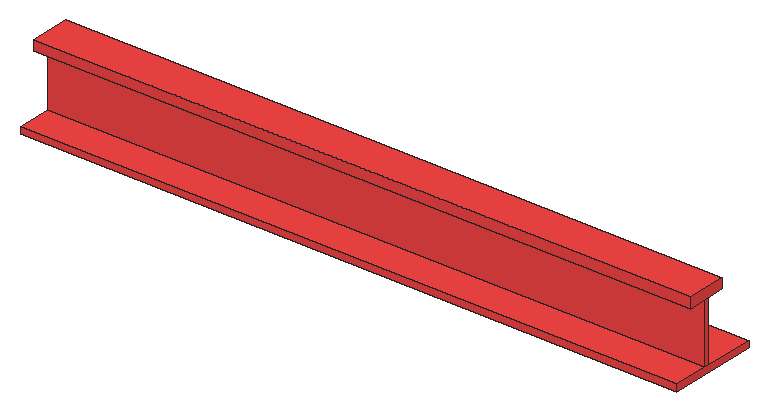
Revit family "GSY-E27", category Structural Framing, Revit 2018
Family settings
  Section Shape = Not Defined
  Material for Model Behavior = Other
  Always export as geometry = No
  OmniClass Number = 23.25.30.11.14.14
  OmniClass Title = Beams
  Always vertical = Yes
  Cut with Voids When Loaded = No
  Symbolic Representation = From Family
  Shared = No
  Show family pre-cut in plan views = Yes
Parameters (values of type "GSY-E27/15-34")
  t2 = 25 mm
  t1 = 40 mm
  hw = 230 mm
  d = 15 mm
  b2 = 340 mm
  b1 = 150 mm
  Structural Material [instance] = bips-Steel
  Manufacturer = "Give Steel A/S"
  Length [instance] = 3000 mm
Types (6, lengths in mm): name | b2 | b1 | Length
  (no name) | 340 | 150 | 3000
  GSY-E27/15-34 | 340 | 150 | 3000
  GSY-E27/18-37 | 370 | 180 | 3000
  GSY-E27/22-41 | 410 | 220 | 3000
  GSY-E27/27-46 | 460 | 270 | 3000
  GSY-E27/30-49 | 490 | 300 | 4000
Reference planes
  plane 1 "Center (Front/Back)": y = 0
  plane 2 "Center Elevation": z = 0
  plane 3 "Center (Left/Right)": x = 0
  plane 4 "Left": x = -1500
  plane 5 "Member Left": x = -1250
  plane 6 "Stick Symbol Left": x = -1000
  plane 7 "Right": x = 1500
  plane 8 "Member Right": x = 1250
  plane 9 "Stick Symbol Right": x = 1000
  plane 10: y = 75
  plane 11: y = -75
  plane 12: y = 200
  plane 13: y = -140
  plane 14: z = 167.5
  plane 15: z = 127.5
  plane 16: z = -127.5
  plane 17: z = -102.5
  plane 18: y = -7.5
  plane 19: y = 7.5
Forms (mm)
  Extrusion 1, solid, material "bips-Steel" <- "Structural Material"
    sketch origin (0, 0, 0) x (0, 1, 0) y (0, 0, 1)
      loop
        line (75, 167.5) -> (-75, 167.5) -> (-75, 127.5) -> (75, 127.5) -> (75, 167.5)
    from -1250 to 1250
  Extrusion 2, solid, material "bips-Steel" <- "Structural Material"
    sketch origin (0, 0, -90) x (0, 1, 0) y (0, 0, 1)
      loop
        line (7.5, 217.5) -> (-7.5, 217.5) -> (-7.5, -12.5) -> (7.5, -12.5) -> (7.5, 217.5)
    from -1250 to 1250
  Extrusion 3, solid, material "bips-Steel" <- "Structural Material"
    sketch origin (0, 0, -345) x (0, 1, 0) y (0, 0, 1)
      loop
        line (200, 242.5) -> (-140, 242.5) -> (-140, 217.5) -> (200, 217.5) -> (200, 242.5)
    from -1250 to 1250
Lines and regions (mm)
  model lines, style "Stick Symbols", detail levels coarse
    curve 1: line (-1000, 0, 0) -> (1000, 0, 0)
Dimensions and locks
  equal spacing: plane 4 "Left", plane 3 "Center (Left/Right)", plane 7 "Right"
  "Length": plane 4 "Left" to plane 7 "Right"
  equal spacing: plane 10, plane 1 "Center (Front/Back)", plane 11
  "b1": plane 10 to plane 11
  "b2": plane 12 to plane 13
  "t1": plane 14 to plane 15
  "t2": plane 17 to plane 16
  equal spacing: plane 15, plane 2 "Center Elevation", plane 16
  equal spacing: plane 19, plane 1 "Center (Front/Back)", plane 18
  "d": plane 19 to plane 18
  "hw": plane 15 to plane 17
  locked: plane 13 to plane 11 at 65
  equal spacing: plane 11, plane 1 "Center (Front/Back)", plane 10
  equal spacing: plane 18, plane 1 "Center (Front/Back)", plane 19
  aligned and locked: plane 5 "Member Left" to Extrusion 1
  aligned and locked: Extrusion 1 to plane 8 "Member Right"
  aligned and locked: plane 1 "Center (Front/Back)" to curve 1
  aligned and locked: plane 6 "Stick Symbol Left" to curve 1
  aligned and locked: plane 9 "Stick Symbol Right" to curve 1
  aligned and locked: level to plane 2 "Center Elevation"
  aligned and locked: Extrusion 1 sketch curve to plane 14
  aligned and locked: plane 10 to Extrusion 1 sketch curve
  aligned and locked: Extrusion 1 sketch curve to plane 11
  aligned and locked: Extrusion 2 sketch curve to plane 18
  aligned and locked: Extrusion 2 sketch curve to plane 19
  aligned and locked: Extrusion 2 sketch curve to plane 17
  aligned and locked: Extrusion 3 sketch curve to plane 16
  aligned and locked: Extrusion 3 sketch curve to plane 17
  aligned and locked: Extrusion 3 sketch curve to plane 13
  aligned and locked: plane 12 to Extrusion 3 sketch curve
  aligned and locked: Extrusion 2 sketch curve to plane 15
  aligned and locked: plane 5 "Member Left" to Extrusion 3
  aligned and locked: Extrusion 3 to plane 8 "Member Right"
  aligned and locked: Extrusion 2 to plane 8 "Member Right"
  aligned and locked: plane 5 "Member Left" to Extrusion 2
Automatic sketch dimensions
  Extrusion 1 sketch curve to plane 15 = 0 mm
